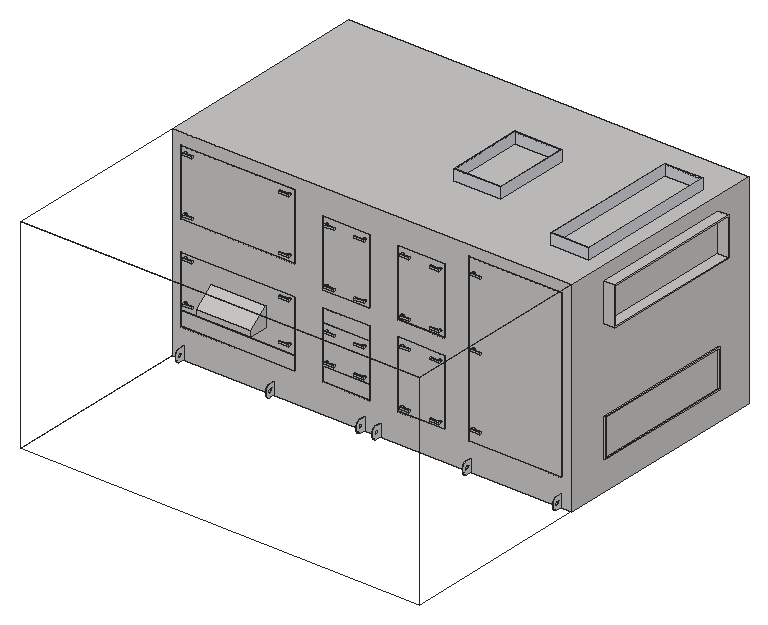
Revit family "DN-5XIN-ECH-2FP", category Mechanical Equipment, Revit 2019
Family settings
  Round Connector Dimension = Use Diameter
  Part Type = Normal
  Work Plane-Based = No
  Always vertical = Yes
  Cut with Voids When Loaded = No
  Shared = No
  Room Calculation Point = No
Parameters (values of type "4@2.70 kW 200-240V")
  Voltage = "200-240V"
  Unit Weight (lbs) = "4450-5050 lbs."
  Unit Dimension (L x W x H) = "176\" x 105-5/8\" x 90-7/8\""
  Unit = Renewaire - Galvanized Steel
  URL = "www.renewaire.com"
  Standard Features = "EC Motors for both airstreams, Direct drive backward inclined plenum, Higher ESP of up to 3\" w.g. at 4,500 CFM, Integrated programmable controls, True 100% face and bypass enthalpy based modulating economizer, Class 1 low leakage motorized isolation dampers, Stainless steel double-sloped drain pan with cooling option, 1\" Double wall foam injected 20 gauge galvanized panel construction with R6.5 insulation"
  Shipping Dimensions (L x W x H) = "180\" x 101-1/2\" x 96\""
  Service Area Visibility = yes
  Service Area Box = Renewaire - Interference
  Revit Object Download Link = ""
  Phase = "3"
  Options = "DX, heat pump, or chilled water cooling coil, Modulating hot gas reheat, Steam or hot water coil, gas heat module or electric heater, Onboard variable frequency drives (VFDs) - both airstreams, Fused disconnect, Spring isolators (VFDs only), 2\" Double wall foam injected 20 gauge galvanized panel construction with R13 insulation, Exterior paint - grey, white, custom color, BACNET factory activation, GFCI convenience outlet, Recirculation damper, Drain overflow switch, Electrofin coating for coils"
  Number Motors = "Qty. 4, Direct drive motorized impeller packages"
  Model = "DN-5XIN-2FP-ECH"
  Minimum Circuit Amps = "36.6 A"
  Maximum Overcurrent Protection = "45 A"
  Max. Shipping Weight (lbs) = "4700-5300 lbs."
  Manufacturer = "Renewaire LLC"
  Inlets/Outlets [instance] = "OA & RA Inlets: 60\" x 16\", SA Outlet: 24\" x 16\", EA Outlet: 20\" x 32\""
  Frequency = "50/60 Hz"
  Filters [instance] = "Total qty. 10, MERV 8: 16\" x 20\" x 2\""
  FLA per Motor = "8.6-7.2"
  Energy Recovery Type = "Static plate total energy transfer"
  Description = "Energy Recovery Ventilator"
  Bypass Filters [instance] = "Total qty. 4, MERV 8: 16\" x 20\" x 2\""
  Accessories = "Filters - MERV 13, 2\"  and 4\" (shipped loose), MERV 14, 2\" and 4\" (shipped loose), Additional filters available upon request, Duct mounted electric pre-heater (separately powered), Carbon dioxide sensor/control - wall mount (CO2-W), duct mount (CO2-D), IAQ sensor - wall mount (IAQ-W), duct mount (IAQ-D), Motion occupancy sensor/control - ceiling mount (MC-C), wall mount (MC-W), Smoke detector, Room temperature and humidity sensor, Duct static pressure sensor with display to 10\", without display 0-2\", Room pressure sensor with display to 1\", without display 0-1\", Waterless trap negative pressure, Waterless trap positive pressure, Remote display"
  AHRI 1060 Certified Core = "One L-62-G5 and four L-125-G5"
Types (6): name | Voltage | Minimum Circuit Amps | Maximum Overcurrent Protection | FLA per Motor
  (no name) | "200-240V" | "36.6 A" | "45 A" | "8.6-7.2"
  4@2.70 kW 200-240V | "200-240V" | "36.6 A" | "45 A" | "8.6-7.2"
  4@3.70 kW 380-480V | "380-480 V" | "25.5 A" | "30 A" | "6.0-4.6"
  4@5HP 208-230V | "208-230 V" | "59.1 A" | "70 A" | "13.9-13.4/6.7"
  4@5HP 460V | "460 V" | "28.5 A" | "35 A" | "6.7"
  4@5HP 575V | "575 V" | "22.5 A" | "25 A" | "5.3"
Reference planes (in)
  plane 1 "Center (Front/Back)": y = 0
  plane 2: z = 0
  plane 3 "Center (Left/Right)": x = 0
Forms (in)
  Extrusion 1, solid, material "Renewaire - Galvanized Steel" <- "Unit"
    sketch origin (0, 0, 0) x (1, 0, 0) y (0, 1, 0)
      loop
        line (-168, 46.5) -> (-168, -46.38324) -> (0, -46.38324) -> (0, 46.5) -> (-168, 46.5)
    from 0 to 85.625
  Extrusion 2, void
    sketch origin (0, 0, 0) x (1, 0, 0) y (0, 0, 1)
      loop
        line (-164.36053, 80.85524) -> (-164.36053, 52.85525) -> (-116.38919, 52.85525) -> (-116.38919, 80.85524) -> (-164.36053, 80.85524)
      loop
        line (-104.88334, 74.82399) -> (-104.88334, 46.824) -> (-84.88335, 46.824) -> (-84.88335, 74.82399) -> (-104.88334, 74.82399)
      loop
        line (-73.14754, 74.82399) -> (-73.14754, 46.824) -> (-53.14754, 46.824) -> (-53.14754, 74.82399) -> (-73.14754, 74.82399)
      loop
        line (-43.1125, 81.57398) -> (-43.1125, 11.57398) -> (-4.11251, 11.57398) -> (-4.11251, 81.57398) -> (-43.1125, 81.57398)
      loop
        line (-73.14754, 40.32399) -> (-73.14754, 12.32399) -> (-53.14754, 12.32399) -> (-53.14754, 40.32399) -> (-73.14754, 40.32399)
      loop
        line (-104.88334, 40.32399) -> (-104.88334, 12.33722) -> (-84.88335, 12.33722) -> (-84.88335, 40.32399) -> (-104.88334, 40.32399)
      loop
        line (-164.36053, 40.30842) -> (-164.36053, 12.30842) -> (-116.36055, 12.30842) -> (-116.36055, 40.30842) -> (-164.36053, 40.30842)
    from 45.5 to 47.07986
  Extrusion 3, void
    sketch origin (0, 0, 0) x (1, 0, 0) y (0, 1, 0)
      loop
        line (-166, 44.61676) -> (-166, -44.38324) -> (-2, -44.38324) -> (-2, 44.61676) -> (-166, 44.61676)
    from -3 to 5.699
  Extrusion 4, void
    sketch origin (0, 0, 0) x (1, 0, 0) y (0, 1, 0)
      loop
        line (-161.92015, 12.11675) -> (-161.92015, -11.88325) -> (-145.92015, -11.88325) -> (-145.92015, 12.11675) -> (-161.92015, 12.11675)
      loop
        line (-22.1125, 30.11677) -> (-22.1125, -29.88323) -> (-6.1125, -29.88323) -> (-6.1125, 30.11677) -> (-22.1125, 30.11677)
    from 4.75 to 6.699
  Extrusion 5, solid, material "Renewaire - Galvanized Steel" <- "Unit"
    sketch origin (0, 0, 1) x (0, 1, 0) y (0, 0, 1)
      loop
        line (12.11677, 31.05846) -> (-11.88323, 31.05846) -> (-11.88323, 15.05845) -> (12.11677, 15.05845) -> (12.11677, 31.05846)
      loop
        line (11.99177, 30.93346) -> (-11.75823, 30.93346) -> (-11.75823, 15.18345) -> (11.99177, 15.18345) -> (11.99177, 30.93346)
    from -169 to -168
  Extrusion 6, solid, material "Renewaire - Galvanized Steel" <- "Unit"
    sketch origin (0, 0, 1) x (0, 1, 0) y (0, 0, 1)
      loop
        line (-29.87714, 28.04274) -> (-29.87714, 12.04274) -> (30.12286, 12.04274) -> (30.12286, 28.04274) -> (-29.87714, 28.04274)
      loop
        line (-29.75214, 27.91774) -> (-29.75214, 12.16774) -> (29.99786, 12.16774) -> (29.99786, 27.91774) -> (-29.75214, 27.91774)
    from 0 to 1
  Extrusion 7, solid, material "Renewaire - Galvanized Steel" <- "Unit"
    sketch origin (0, 0, 1.51247) x (0, 1, 0) y (0, 0, 1)
      loop
        line (-29.88324, 78.57708) -> (-29.88324, 62.57708) -> (30.11676, 62.57708) -> (30.11676, 78.57708) -> (-29.88324, 78.57708)
      loop
        line (-29.75824, 78.45208) -> (-29.75824, 62.70208) -> (29.99176, 62.70208) -> (29.99176, 78.45208) -> (-29.75824, 78.45208)
    from 0 to 5
  Extrusion 8, solid, material "Renewaire - Galvanized Steel" <- "Unit"
    sketch origin (0, 0, 1) x (1, 0, 0) y (0, 0, 1)
      loop
        line (-54.12572, 77.83887) -> (-72.14754, 77.83887) -> (-72.14754, 47.80251) -> (-54.12572, 47.80251) -> (-54.12572, 77.83887)
      loop
        line (-54.25072, 77.71387) -> (-72.02254, 77.71387) -> (-72.02254, 47.92751) -> (-54.25072, 47.92751) -> (-54.25072, 77.71387)
    from -51.5 to -46.5
  Extrusion 9, solid, material "Renewaire - Galvanized Steel" <- "Unit"
    sketch origin (0, 0, 0) x (1, 0, 0) y (0, 0, 1)
      loop
        line (-164.11053, 80.60524) -> (-164.11053, 53.00524) -> (-116.51053, 53.00524) -> (-116.51053, 80.60524) -> (-164.11053, 80.60524)
      loop
        line (-164.16452, 40.10344) -> (-164.16452, 18.50344) -> (-116.56451, 18.50344) -> (-116.56451, 40.10344) -> (-164.16452, 40.10344)
      loop
        line (-164.16452, 18.05094) -> (-164.16452, 12.45094) -> (-116.56451, 12.45094) -> (-116.56451, 18.05094) -> (-164.16452, 18.05094)
      loop
        line (-104.63334, 18.234) -> (-104.63334, 12.634) -> (-85.03333, 12.634) -> (-85.03333, 18.234) -> (-104.63334, 18.234)
      loop
        line (-104.63334, 34.574) -> (-104.63334, 18.474) -> (-85.03333, 18.474) -> (-85.03333, 34.574) -> (-104.63334, 34.574)
      loop
        line (-104.63334, 40.414) -> (-104.63334, 34.814) -> (-85.03333, 34.814) -> (-85.03333, 40.414) -> (-104.63334, 40.414)
      loop
        line (-104.63334, 74.82401) -> (-104.63334, 47.22401) -> (-85.03333, 47.22401) -> (-85.03333, 74.82401) -> (-104.63334, 74.82401)
      loop
        line (-72.89753, 74.82401) -> (-72.89753, 47.22401) -> (-53.29756, 47.22401) -> (-53.29756, 74.82401) -> (-72.89753, 74.82401)
      loop
        line (-72.89754, 40.32401) -> (-72.89754, 12.634) -> (-53.29754, 12.634) -> (-53.29754, 40.32401) -> (-72.89754, 40.32401)
      loop
        line (-42.8625, 11.82398) -> (-4.36251, 11.82398) -> (-4.36251, 81.32398) -> (-42.8625, 81.32398) -> (-42.8625, 11.82398)
    from 45.5 to 46.38324
  Extrusion 10, solid, material "Renewaire - Interference" <- "Service Area Box", visible <- "Service Area Visibility"
    sketch origin (0, 0, 0) x (1, 0, 0) y (0, 1, 0)
      loop
        line (-168, -46.38324) -> (-168, -126.38324) -> (0, -126.38324) -> (0, -46.38324) -> (-168, -46.38324)
    from 0 to 85.625
  Extrusion 11, solid
    sketch origin (0, 0, 0) x (1, 0, 0) y (0, 1, 0)
      loop
        line (-74.14753, 16.11676) -> (-74.14753, -15.88324) -> (-54.14754, -15.88324) -> (-54.14754, 16.11676) -> (-74.14753, 16.11676)
      loop
        line (-73.89753, 15.86676) -> (-73.89753, -15.63324) -> (-54.39754, -15.63324) -> (-54.39754, 15.86676) -> (-73.89753, 15.86676)
    from 85.625 to 90.125
  Extrusion 12, solid
    sketch origin (0, 0, 0) x (1, 0, 0) y (0, 1, 0)
      loop
        line (-22.11249, 30.11679) -> (-22.11249, -29.88322) -> (-6.11252, -29.88322) -> (-6.11252, 30.11679) -> (-22.11249, 30.11679)
      loop
        line (-21.86249, 29.86679) -> (-21.86249, -29.63322) -> (-6.36252, -29.63322) -> (-6.36252, 29.86679) -> (-21.86249, 29.86679)
    from 85.625 to 90.125
  Extrusion 13, solid, material "Renewaire - Galvanized Steel" <- "Unit"
    sketch origin (0, 0, 0) x (0, 1, 0) y (0, 0, 1)
      loop
        circle (-18.33576, 27.29378) r 2.5
      loop
        circle (-18.33576, 27.29378) r 2.25
    from -169 to -168
  Extrusion 14, solid, material "Renewaire - Galvanized Steel" <- "Unit"
    sketch origin (0, 0, -1.96395) x (0, 1, 0) y (0, 0, 1)
      loop
        line (-46.38324, 34.65488) -> (-54.18346, 28.48487) -> (-54.18346, 26.14738) -> (-46.38324, 26.14738) -> (-46.38324, 34.65488)
    from -151.59033 to -128.80034
Cuts and joins
  Extrusion 2, Extrusion 3, Extrusion 4 cuts Extrusion 1
Dimensions and locks (in)
  aligned and locked: plane 2 to level
Nested families (in)
  nested 1: "Handle" at (-41.11251, -46.38324, 17), type "Handle"
    with Right Handle yes, Left Handle no, Flip no
  nested 2: "Handle" at (-41.11251, -46.38324, 75.67027), type "Handle"
    with Right Handle yes, Left Handle no, Flip no
  nested 3: "Handle" at (-41.11251, -46.38324, 47), type "Handle"
    with Right Handle yes, Left Handle no, Flip no
  nested 4: "Handle" at (-71.07253, -46.38324, 72.37401), type "Handle"
    with Right Handle yes, Left Handle no, Flip no
  nested 5: "Handle" at (-71.07253, -46.38324, 49.274), type "Handle"
    with Right Handle yes, Left Handle no, Flip no
  nested 6: "Handle" at (-55.22256, -46.38324, 72.37401), type "Handle"
    with Right Handle no, Left Handle yes, Flip yes
  nested 7: "Handle" at (-55.22256, -46.38324, 49.274), type "Handle"
    with Right Handle no, Left Handle yes, Flip yes
  nested 8: "Handle" at (-71.07253, -46.38324, 37.87401), type "Handle"
    with Right Handle yes, Left Handle no, Flip no
  nested 9: "Handle" at (-71.07253, -46.38324, 14.77401), type "Handle"
    with Right Handle yes, Left Handle no, Flip no
  nested 10: "Handle" at (-55.22256, -46.38324, 37.87401), type "Handle"
    with Right Handle no, Left Handle yes, Flip yes
  nested 11: "Handle" at (-55.22256, -46.38324, 14.77401), type "Handle"
    with Right Handle no, Left Handle yes, Flip yes
  nested 12: "Handle" at (-102.80833, -46.38324, 32.124), type "Handle"
    with Right Handle yes, Left Handle no, Flip no
  nested 13: "Handle" at (-102.80833, -46.38324, 20.52399), type "Handle"
    with Right Handle yes, Left Handle no, Flip no
  nested 14: "Handle" at (-86.95836, -46.38324, 32.124), type "Handle"
    with Right Handle no, Left Handle yes, Flip yes
  nested 15: "Handle" at (-86.95836, -46.38324, 20.52399), type "Handle"
    with Right Handle no, Left Handle yes, Flip yes
  nested 16: "Handle" at (-102.80833, -46.38324, 72.37401), type "Handle"
    with Right Handle yes, Left Handle no, Flip no
  nested 17: "Handle" at (-102.80833, -46.38324, 49.274), type "Handle"
    with Right Handle yes, Left Handle no, Flip no
  nested 18: "Handle" at (-86.95836, -46.38324, 72.37401), type "Handle"
    with Right Handle no, Left Handle yes, Flip yes
  nested 19: "Handle" at (-86.95836, -46.38324, 49.274), type "Handle"
    with Right Handle no, Left Handle yes, Flip yes
  nested 20: "Handle" at (-162.28554, -46.38324, 78.40525), type "Handle"
    with Right Handle yes, Left Handle no, Flip no
  nested 21: "Handle" at (-162.28554, -46.38324, 55.30524), type "Handle"
    with Right Handle yes, Left Handle no, Flip no
  nested 22: "Handle" at (-118.4642, -46.38324, 78.40525), type "Handle"
    with Right Handle no, Left Handle yes, Flip yes
  nested 23: "Handle" at (-118.4642, -46.38324, 55.30524), type "Handle"
    with Right Handle no, Left Handle yes, Flip yes
  nested 24: "Handle" at (-162.28554, -46.38324, 38.87401), type "Handle"
    with Right Handle yes, Left Handle no, Flip no
  nested 25: "Handle" at (-162.28554, -46.38324, 21.75344), type "Handle"
    with Right Handle yes, Left Handle no, Flip no
  nested 26: "Handle" at (-118.4642, -46.38324, 38.87401), type "Handle"
    with Right Handle no, Left Handle yes, Flip yes
  nested 27: "Handle" at (-118.4642, -46.38324, 21.75344), type "Handle"
    with Right Handle no, Left Handle yes, Flip yes
  nested 28: "Lifting Lug" at (-163.25, -46.38324, 0) x (0, -1, 0) z (0, 0, 1), Material <- "Unit", type "Lifting Lug"
    with Material Renewaire - Galvanized Steel
  nested 29: "Lifting Lug" at (-125.25, -46.38324, 0) x (0, -1, 0) z (0, 0, 1), Material <- "Unit", type "Lifting Lug"
    with Material Renewaire - Galvanized Steel
  nested 30: "Lifting Lug" at (-87.25, -46.38324, 0) x (0, -1, 0) z (0, 0, 1), Material <- "Unit", type "Lifting Lug"
    with Material Renewaire - Galvanized Steel
  nested 31: "Lifting Lug" at (-4.5, -46.38324, 0) x (0, -1, 0) z (0, 0, 1), Material <- "Unit", type "Lifting Lug"
    with Material Renewaire - Galvanized Steel
  nested 32: "Lifting Lug" at (-42.5, -46.38324, 0) x (0, -1, 0) z (0, 0, 1), Material <- "Unit", type "Lifting Lug"
    with Material Renewaire - Galvanized Steel
  nested 33: "Lifting Lug" at (-80.5, -46.38324, 0) x (0, -1, 0) z (0, 0, 1), Material <- "Unit", type "Lifting Lug"
    with Material Renewaire - Galvanized Steel
  nested 34: "Lifting Lug" at (-163.25, 46.5, 0) x (0, 1, 0) z (0, 0, 1), Material <- "Unit", type "Lifting Lug"
    with Material Renewaire - Galvanized Steel
  nested 35: "Lifting Lug" at (-125.25, 46.5, 0) x (0, 1, 0) z (0, 0, 1), Material <- "Unit", type "Lifting Lug"
    with Material Renewaire - Galvanized Steel
  nested 36: "Lifting Lug" at (-87.25, 46.5, 0) x (0, 1, 0) z (0, 0, 1), Material <- "Unit", type "Lifting Lug"
    with Material Renewaire - Galvanized Steel
  nested 37: "Lifting Lug" at (-4.5, 46.5, 0) x (0, 1, 0) z (0, 0, 1), Material <- "Unit", type "Lifting Lug"
    with Material Renewaire - Galvanized Steel
  nested 38: "Lifting Lug" at (-42.5, 46.5, 0) x (0, 1, 0) z (0, 0, 1), Material <- "Unit", type "Lifting Lug"
    with Material Renewaire - Galvanized Steel
  nested 39: "Lifting Lug" at (-80.5, 46.5, 0) x (0, 1, 0) z (0, 0, 1), Material <- "Unit", type "Lifting Lug"
    with Material Renewaire - Galvanized Steel
Connectors (in)
  hvac at (1, 0.12286, 21.04274)
    settings: on Extrusion 6, index 1, duct flow 0 CFM, flow factor 0, pres drop 0.00 in-wg, loss coef 0, conn angle 0.00°, conn width 60", conn height 16", conn diameter 24", duct sys type 2, conn prof type 1, flow config 0, flow direction 1, loss method 0, conn ref index -1, conn util no, is conn primary yes, conn desc "Return Air (RA)"
  hvac at (5, 0.11676, 72.08955)
    settings: on Extrusion 7, index 2, duct flow 0 CFM, flow factor 0, pres drop 0.00 in-wg, loss coef 0, conn angle 0.00°, conn width 60", conn height 16", conn diameter 24", duct sys type 4, conn prof type 1, flow config 0, flow direction 1, loss method 0, conn ref index -1, conn util no, is conn primary no, conn desc "Outside Air (OA)"
  hvac at (-63.13663, 51.5, 63.82069)
    settings: on Extrusion 8, index 5, duct flow 0 CFM, flow factor 0, pres drop 0.00 in-wg, loss coef 0, conn angle 0.00°, conn width 18", conn height 30", conn diameter 24", duct sys type 3, conn prof type 1, flow config 0, flow direction 2, loss method 0, conn ref index -1, conn util no, is conn primary no, conn desc "Exhaust Air (EA)"
  hvac at (-169, 0.11677, 24.05845)
    settings: on Extrusion 5, index 6, duct flow 0 CFM, flow factor 0, pres drop 0.00 in-wg, loss coef 0, conn angle 0.00°, conn width 24", conn height 16", conn diameter 24", duct sys type 1, conn prof type 1, flow config 0, flow direction 2, loss method 0, conn ref index -1, conn util no, is conn primary no, conn desc "Supply Air (SA)"
  hvac at (-14.1125, 0.11677, 6.699)
    settings: on cut or joined group of Extrusion 1, Extrusion 2, Extrusion 3, Extrusion 4, index 9, duct flow 0 CFM, flow factor 0, pres drop 0.00 in-wg, loss coef 0, conn angle 0.00°, conn width 60", conn height 16", conn diameter 24", duct sys type 2, conn prof type 1, flow config 0, flow direction 1, loss method 0, conn ref index -1, conn util no, is conn primary no, conn desc "Return Air (RA)"
  hvac at (-153.92015, 0.11675, 6.699)
    settings: on cut or joined group of Extrusion 1, Extrusion 2, Extrusion 3, Extrusion 4, index 10, duct flow 0 CFM, flow factor 0, pres drop 0.00 in-wg, loss coef 0, conn angle 0.00°, conn width 24", conn height 16", conn diameter 24", duct sys type 1, conn prof type 1, flow config 0, flow direction 2, loss method 0, conn ref index -1, conn util no, is conn primary no, conn desc "Supply Air (SA)"
  hvac at (-14.1125, 0.11678, 90.125)
    settings: on Extrusion 12, index 11, duct flow 0 CFM, flow factor 0, pres drop 0.00 in-wg, loss coef 0, conn angle 0.00°, conn width 16", conn height 60", conn diameter 24", duct sys type 4, conn prof type 1, flow config 0, flow direction 1, loss method 0, conn ref index -1, conn util no, is conn primary no, conn desc "Outside Air (OA)"
  hvac at (-64.14754, 0.11676, 90.125)
    settings: on Extrusion 11, index 12, duct flow 0 CFM, flow factor 0, pres drop 0.00 in-wg, loss coef 0, conn angle 0.00°, conn width 20", conn height 32", conn diameter 24", duct sys type 3, conn prof type 1, flow config 0, flow direction 2, loss method 0, conn ref index -1, conn util no, is conn primary no, conn desc "Exhaust Air (EA)"
Definition of nested family "Handle"
  Parameters (values of type "Handle")
    Right Handle [instance] = not(Flip)  # no
    Material = none
    Left Handle [instance] = Flip  # yes
    Flip [instance] = yes
  Reference planes (in)
    plane 1 "Center (Front/Back)": y = 0
    plane 2: z = 0
    plane 3 "Center (Left/Right)": x = 0
  Forms (in)
    Extrusion 1, solid, material <- "Material"
      sketch origin (0, 0, 0) x (1, 0, 0) y (0, 0, 1)
        loop
          circle (0, 0) r 0.375
      from 0 to 0.75
    Extrusion 2, solid, material <- "Material", visible <- "Right Handle"
      sketch origin (0, 0, 0) x (1, 0, 0) y (0, 1, 0)
        loop
          line (-0.375, -0.75) -> (-0.375, -1.25) -> (3.625, -1.25) -> (3.625, -0.75) -> (-0.375, -0.75)
      from -0.375 to 0.375
    Extrusion 3, solid, material <- "Material", visible <- "Left Handle"
      sketch origin (-3.25, 0, 0) x (1, 0, 0) y (0, 1, 0)
        loop
          line (-0.375, -0.75) -> (-0.375, -1.25) -> (3.625, -1.25) -> (3.625, -0.75) -> (-0.375, -0.75)
      from -0.375 to 0.375
  Dimensions and locks (in)
    aligned and locked: plane 2 to level
Definition of nested family "Lifting Lug"
  Parameters (values of type "Lifting Lug")
    Material [instance] = none
  Reference planes (in)
    plane 1 "Center (Front/Back)": y = 0
    plane 2: z = 0
    plane 3 "Center (Left/Right)": x = 0
  Forms (in)
    Extrusion 1, solid
      sketch origin (0, 0, 0) x (1, 0, 0) y (0, 0, 1)
        loop
          line (0, 0.1875) -> (2, 0.1875)
          arc (2, 0.1875) -> (3.41421, 0.77329) -> (4, 2.1875) r 2
          line (4, 2.1875) -> (4, 3.1875)
          arc (4, 3.1875) -> (3.41421, 4.60171) -> (2, 5.1875) r 2
          line (2, 5.1875) -> (0, 5.1875) -> (0, 0.1875)
        loop
          circle (2.125, 2.6875) r 1
      from 0 to 0.25
  Dimensions and locks (in)
    aligned and locked: plane 2 to level
